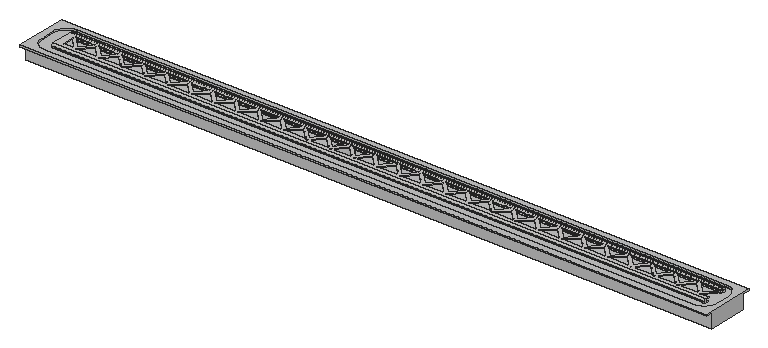
Revit family "Drain-Linear_Pyramid_Noble_FreeStyle", category Plumbing Fixtures, host Face, Revit 2015
Parameters (values of type "60in PVC")
  Weight = "10 lbs"
  URL = "www.noblecompany.com"
  Type Comments = ""
  Product Properties = "http://www.noblecompany.com/Portals/0/PRODUCT%20INFO/Product%20Descriptions/FreeStyle%20Linear%20Drain%20Product%20Decription%200410.pdf"
  Product Data = "http://www.noblecompany.com/Products/ShowerProducts/tabid/59/Default.aspx"
  Plate = Stainless Steel - Brushed
  Model = "Freestyle 60 PVC - Pyramid"
  Manufacturer Phone - Toll Free = "800-878-5788"
  Manufacturer Phone = "231-799-8000"
  Manufacturer Fax = "231-799-8850"
  Manufacturer Email = "mailto:sales@noblecompany.com"
  Manufacturer Address = "7300 Enterprise Drive, Spring Lake, MI  49456 USA"
  Manufacturer = "Noble Company"
  Installation-Fabrication = "http://www.noblecompany.com/Portals/0/PRODUCT%20INFO/Product%20Descriptions/FreeStyle%20Linear%20Drain%20Product%20Decription%200410.pdf"
  GPM = 0 GPM
  Description = "Freestyle 60 PVC - Pyramid Linear Drain"
  Building Codes = "http://www.noblecompany.com/Portals/0/TECHNICAL%20INFO/Listing_Testing_Certification_Reports/PMG-1065%20Noble%20Company%20Linear%20Drain%20final%202.pdf"
  Base = PVC
  B = 57 3/4"
  Assembly Code = "D2030300"
  A = 60"
  Default Elevation = 0"
  D = 1 5/8"
  C = 33 3/4"
Types (14): name | Model | Description | Base | B | A | D | C
  24in ABS | "Freestyle 24 ABS - Pyramid" | "Freestyle 24 ABS - Pyramid Linear Drain" | ABS | 21 3/4" | 24" | 1 1/4" | 15 3/4"
  32in ABS | "Freestyle 32 ABS - Pyramid" | "Freestyle 32 ABS - Pyramid Linear Drain" | ABS | 29 3/4" | 32" | 1 3/8" | 19 1/2"
  36in ABS | "Freestyle 36 ABS - Pyramid" | "Freestyle 36 ABS - Pyramid Linear Drain" | ABS | 33 3/4" | 36" | 1 3/8" | 21 3/4"
  40in ABS | "Freestyle 40 ABS - Pyramid" | "Freestyle 40 ABS - Pyramid Linear Drain" | ABS | 37 3/4" | 40" | 1 7/16" | 23 3/4"
  48in ABS | "Freestyle 48 ABS - Pyramid" | "Freestyle 48 ABS - Pyramid Linear Drain" | ABS | 45 3/4" | 48" | 1 1/2" | 27 3/4"
  54in ABS | "Freestyle 54 ABS - Pyramid" | "Freestyle 54 ABS - Pyramid Linear Drain" | ABS | 51 3/4" | 54" | 1 9/16" | 30 3/4"
  60in ABS | "Freestyle 60 ABS - Pyramid" | "Freestyle 60 ABS - Pyramid Linear Drain" | ABS | 57 3/4" | 60" | 1 5/8" | 33 3/4"
  24in PVC | "Freestyle 24 PVC - Pyramid" | "Freestyle 24 PVC - Pyramid Linear Drain" | PVC | 21 3/4" | 24" | 1 1/4" | 15 3/4"
  32in PVC | "Freestyle 32 PVC - Pyramid" | "Freestyle 32 PVC - Pyramid Linear Drain" | PVC | 29 3/4" | 32" | 1 3/8" | 19 1/2"
  36in PVC | "Freestyle 36 PVC - Pyramid" | "Freestyle 36 PVC - Pyramid Linear Drain" | PVC | 33 3/4" | 36" | 1 3/8" | 21 3/4"
  40in PVC | "Freestyle 40 PVC - Pyramid" | "Freestyle 40 PVC - Pyramid Linear Drain" | PVC | 37 3/4" | 40" | 1 7/16" | 23 3/4"
  48in PVC | "Freestyle 48 PVC - Pyramid" | "Freestyle 48 PVC - Pyramid Linear Drain" | PVC | 45 3/4" | 48" | 1 1/2" | 27 3/4"
  54in PVC | "Freestyle 54 PVC - Pyramid" | "Freestyle 54 PVC - Pyramid Linear Drain" | PVC | 51 3/4" | 54" | 1 9/16" | 30 3/4"
  60in PVC | "Freestyle 60 PVC - Pyramid" | "Freestyle 60 PVC - Pyramid Linear Drain" | PVC | 57 3/4" | 60" | 1 5/8" | 33 3/4"
Reference planes (in)
  plane 1 "Center (Front/Back)": y = 0
  plane 2: z = 0
  plane 3 "Center (Left/Right)": x = 0
  plane 4: z = -1.625
  plane 5: z = -4.05899
  plane 6: z = -1.625
  plane 7: y = 1.6875
  plane 8: y = -1.6875
  plane 9: z = -0.375
  plane 10: y = 2.25
  plane 11: y = -2.25
  plane 12: z = -0.3125
  plane 13: x = 30
  plane 14: x = -30
  plane 15: x = 28.875
  plane 16: x = -3.75
  plane 17: x = -28.875
  plane 18: z = -0.125
Forms (in)
  Extrusion 1, void, detail levels medium+fine
    sketch origin (0, 0, 0) x (1, 0, 0) y (0, 1, 0)
      loop
        circle (-3.75, 0) r 1
    from -60 to 34.55449
  Extrusion 2, solid, material "PVC" <- "Base", detail levels medium+fine
    sketch origin (10.05986, 0, 0) x (0, 1, 0) y (0, 0, 1)
      loop
        line (2.25, -0.375) -> (2.25, -0.25) -> (-2.25, -0.25) -> (-2.25, -0.375) -> (-1.6875, -0.375) -> (-1.6875, -1.625) -> (1.6875, -1.625) -> (1.6875, -0.375) -> (2.25, -0.375)
    from -40.05986 to 19.94014
  Extrusion 3, void
    sketch origin (10.05986, 0, 0) x (1, 0, 0) y (0, 1, 0)
      loop
        arc (-38.37906, 1.769) -> (-39.18512, 1.43512) -> (-39.519, 0.62906) r 1.13994
        line (-39.519, 0.62906) -> (-39.519, -0.63005)
        arc (-39.519, -0.63005) -> (-39.18541, -1.43541) -> (-38.38005, -1.769) r 1.13895
        line (-38.38005, -1.769) -> (18.37931, -1.769)
        arc (18.37931, -1.769) -> (19.18519, -1.43519) -> (19.519, -0.62931) r 1.13969
        line (19.519, -0.62931) -> (19.519, 0.62118)
        arc (19.519, 0.62118) -> (19.18281, 1.43281) -> (18.37118, 1.769) r 1.14782
        line (18.37118, 1.769) -> (-38.37906, 1.769)
    from -0.375 to 0
  Extrusion 4, void
    sketch origin (0, 0, 0) x (1, 0, 0) y (0, 1, 0)
      loop
        line (29, 1.269) -> (-29, 1.269) -> (-29, -1.269) -> (29, -1.269) -> (29, 1.269)
    from -0.125 to 0
  Extrusion 5, void, detail levels fine
    sketch origin (0, 0, 0) x (0, 1, 0) y (0, 0, 1)
      loop
        line (2.25, -0.375) -> (2.25, -0.125) -> (-2.25, -0.125) -> (-2.25, -0.375) -> (-1.6875, -0.375) -> (-1.6875, -1.625) -> (1.6875, -1.625) -> (1.6875, -0.375) -> (2.25, -0.375)
    from -30 to 30
Cuts and joins
  Extrusion 1, Extrusion 3 cuts Extrusion 2
Lines and regions (in)
  model lines, detail levels coarse+medium
    curve 1: line (-3.75, 0, 0) -> (-3.75, 0, -1.625)
  model lines, style "PlumbingFixtures", detail levels coarse
    curve 2: line (-30, 2.25, 0) -> (-30, -2.25, 0)
    curve 3: line (-30, 2.25, 0) -> (30, 2.25, 0)
    curve 4: line (30, 2.25, 0) -> (30, -2.25, 0)
    curve 5: line (-30, -2.25, 0) -> (30, -2.25, 0)
    curve 6: line (30, 0, 0) -> (-30, 0, 0)
Dimensions and locks (in)
  "D": plane 2 to plane 4
  locked: plane 4 to plane 5 at 2.43399
  "D": plane 6 to level
  equal spacing: plane 7, plane 1 "Center (Front/Back)", plane 8, locked at 1.6875 each
  locked: plane 9 to level at 0.375
  plane 7 to plane 8 = 3 3/8"
  locked: plane 10 to plane 7 at 0.5625
  locked: plane 8 to plane 11 at 0.5625
  "A": plane 14 to plane 13
  locked: plane 15 to plane 13 at 1.125
  "C": plane 16 to plane 13
  locked: plane 14 to plane 17 at 1.125
  locked: Extrusion 3 sketch curve to plane 13 at 0.42114
  locked: plane 14 to Extrusion 3 sketch curve at 0.54086
  equal spacing: plane 14, plane 3 "Center (Left/Right)", plane 13
  locked: plane 9 to plane 12 at 0.0625
  locked: level to plane 18 at 0.125
  level to Extrusion 2 sketch curve = 1/4"
  locked: plane 15 to Extrusion 4 sketch curve at 0.125
  locked: Extrusion 4 sketch curve to plane 17 at 0.125
  radius of Extrusion 1 sketch curve = 1"
  aligned and locked: plane 2 to host face
  aligned and locked: level to host face
  aligned and locked: plane 1 "Center (Front/Back)" to Extrusion 1 sketch curve
  aligned and locked: plane 13 to Extrusion 2
  aligned and locked: plane 16 to Extrusion 1 sketch curve
  aligned and locked: plane 10 to Extrusion 5 sketch curve
  aligned and locked: plane 9 to Extrusion 5 sketch curve
  aligned and locked: plane 7 to Extrusion 5 sketch curve
  aligned and locked: plane 4 to Extrusion 5 sketch curve
  aligned and locked: plane 11 to Extrusion 5 sketch curve
  aligned and locked: Extrusion 5 sketch curve to plane 8
  aligned and locked: Extrusion 5 to plane 14
  aligned and locked: plane 13 to Extrusion 5
  aligned and locked: curve 6 to plane 1 "Center (Front/Back)"
  aligned and locked: plane 14 to curve 6
  aligned and locked: plane 13 to curve 6
  aligned and locked: curve 1 to plane 16
  aligned and locked: level to curve 1
  aligned and locked: plane 6 to curve 1
  aligned and locked: Extrusion 2 to plane 14
  aligned and locked: plane 3 "Center (Left/Right)" to nested 1
  aligned and locked: plane 1 "Center (Front/Back)" to nested 1
  aligned and locked: plane 12 to nested 1
  aligned and locked: plane 9 to Extrusion 3
  aligned and locked: Extrusion 4 to plane 18
  aligned and locked: level to Extrusion 4
Automatic sketch dimensions
  host sketch curve to host sketch curve = 48 1/4"
  host sketch curve to host sketch curve = 96"
  plane 9 to Extrusion 2 sketch curve = 0"  (x2)
  Extrusion 2 sketch curve to plane 11 = 0"
  Extrusion 2 sketch curve to plane 4 = 0"
  Extrusion 2 sketch curve to plane 8 = 0"
  Extrusion 2 sketch curve to plane 7 = 0"
  Extrusion 2 sketch curve to plane 10 = 0"
  Extrusion 3 sketch curve to plane 8 = 0.0815"
  plane 17 to Extrusion 3 sketch curve = 0.55481"
  Extrusion 3 sketch curve to plane 7 = 0.0815"
  plane 17 to Extrusion 3 sketch curve = 0.5558"
  Extrusion 3 sketch curve to plane 15 = 0.44396"
  Extrusion 3 sketch curve to plane 15 = 0.43583"
  curve 2 to plane 10 = 0"
  curve 5 to plane 11 = 0"
  plane 9 to Extrusion 5 sketch curve = 0"
  Extrusion 5 sketch curve to plane 18 = 0"
  plane 8 to Extrusion 4 sketch curve = 0.4185"
  plane 7 to Extrusion 4 sketch curve = 0.4185"
Nested families (in)
  nested 1: "Strainer" at (-12.24848, 0, -0.3125), type "24"", detail levels fine
    with Strainer Length 57 3/4"
Connectors (in)
  piping at (-3.75, 0, -1.625), diameter 2, driven by "GPM"
    settings: on cut or joined group of Extrusion 1, Extrusion 2, Extrusion 3, index 1, connector inside diameter 2", connector length 0", flow factor 0, pipe flow 0 GPM, pressure drop 0.00 psi, fitting loss kfactor 0, connector angle 0.00°, fixture units 0, engagement length 0", angle of deflection 0.00°, flow configuration 0, flow direction 2, fitting loss method 0, system type 16, joint type 0, gender type 0, connector reference index -1, connector utility 0, adjustable connector no, is connector primary yes, connector description ""
Definition of nested family "Strainer"
  Parameters
    Strainer Width = 2 1/4"
    Strainer Height = 5/16"
    Strainer Length = 26 1/4"
    Strainer Finish = none
  Reference planes (in)
    plane 1 "Center (Front/Back)": y = 0
    plane 2: z = 0
    plane 3 "Center (Left/Right)": x = 12.24848
    plane 4: y = 1.125
    plane 5: y = -1.125
    plane 6: x = 42.24848
    plane 7: x = -17.75152
    plane 8: z = 0.3125
    plane 9: x = -0.87652
    plane 10: x = 25.37348
  Forms (in)
    Extrusion 1, solid, material <- "Strainer Finish", detail levels medium+fine
      sketch origin (0, 0, 0) x (1, 0, 0) y (0, 1, 0)
        loop
          line (-15.87652, 1.1245) -> (-15.87652, -1.1245) -> (41.87348, -1.1245) -> (41.87348, 1.1245) -> (-15.87652, 1.1245)
        loop
          line (38.33086, -0.625) -> (40.20315, -0.625) -> (39.267, 0.375) -> (38.33086, -0.625)
        loop
          line (36.3102, -0.625) -> (38.18249, -0.625) -> (37.24635, 0.375) -> (36.3102, -0.625)
        loop
          line (39.20438, 0.63946) -> (37.33209, 0.63946) -> (38.26824, -0.36054) -> (39.20438, 0.63946)
        loop
          line (34.28955, -0.625) -> (36.16184, -0.625) -> (35.22569, 0.375) -> (34.28955, -0.625)
        loop
          line (37.18372, 0.63946) -> (35.31144, 0.63946) -> (36.24758, -0.36054) -> (37.18372, 0.63946)
        loop
          line (32.26889, -0.625) -> (34.14118, -0.625) -> (33.20504, 0.375) -> (32.26889, -0.625)
        loop
          line (35.16307, 0.63946) -> (33.29078, 0.63946) -> (34.22693, -0.36054) -> (35.16307, 0.63946)
        loop
          line (30.24824, -0.625) -> (32.12052, -0.625) -> (31.18438, 0.375) -> (30.24824, -0.625)
        loop
          line (33.14241, 0.63946) -> (31.27013, 0.63946) -> (32.20627, -0.36054) -> (33.14241, 0.63946)
        loop
          line (28.22758, -0.625) -> (30.09987, -0.625) -> (29.16372, 0.375) -> (28.22758, -0.625)
        loop
          line (31.12176, 0.63946) -> (29.24947, 0.63946) -> (30.18561, -0.36054) -> (31.12176, 0.63946)
        loop
          line (26.20692, -0.625) -> (28.07921, -0.625) -> (27.14307, 0.375) -> (26.20692, -0.625)
        loop
          line (29.1011, 0.63946) -> (27.22881, 0.63946) -> (28.16496, -0.36054) -> (29.1011, 0.63946)
        loop
          line (24.18627, -0.625) -> (26.05856, -0.625) -> (25.12241, 0.375) -> (24.18627, -0.625)
        loop
          line (27.08045, 0.63946) -> (25.20816, 0.63946) -> (26.1443, -0.36054) -> (27.08045, 0.63946)
        loop
          line (22.16561, -0.625) -> (24.0379, -0.625) -> (23.10176, 0.375) -> (22.16561, -0.625)
        loop
          line (25.05979, 0.63946) -> (23.1875, 0.63946) -> (24.12365, -0.36054) -> (25.05979, 0.63946)
        loop
          line (20.14496, -0.625) -> (22.01725, -0.625) -> (21.0811, 0.375) -> (20.14496, -0.625)
        loop
          line (23.03914, 0.63946) -> (21.16685, 0.63946) -> (22.10299, -0.36054) -> (23.03914, 0.63946)
        loop
          line (18.1243, -0.625) -> (19.99659, -0.625) -> (19.06045, 0.375) -> (18.1243, -0.625)
        loop
          line (21.01848, 0.63946) -> (19.14619, 0.63946) -> (20.08234, -0.36054) -> (21.01848, 0.63946)
        loop
          line (16.10365, -0.625) -> (17.97594, -0.625) -> (17.03979, 0.375) -> (16.10365, -0.625)
        loop
          line (18.99783, 0.63946) -> (17.12554, 0.63946) -> (18.06168, -0.36054) -> (18.99783, 0.63946)
        loop
          line (14.08299, -0.625) -> (15.95528, -0.625) -> (15.01914, 0.375) -> (14.08299, -0.625)
        loop
          line (16.97717, 0.63946) -> (15.10488, 0.63946) -> (16.04103, -0.36054) -> (16.97717, 0.63946)
        loop
          line (12.06234, -0.625) -> (13.93462, -0.625) -> (12.99848, 0.375) -> (12.06234, -0.625)
        loop
          line (14.95651, 0.63946) -> (13.08423, 0.63946) -> (14.02037, -0.36054) -> (14.95651, 0.63946)
        loop
          line (40.35151, -0.625) -> (41.28766, -0.625) -> (41.28766, 0.375) -> (40.35151, -0.625)
        loop
          line (41.22504, 0.63946) -> (39.35275, 0.63946) -> (40.28889, -0.36054) -> (41.22504, 0.63946)
        loop
          line (-12.3339, -0.625) -> (-13.27004, 0.375) -> (-14.20619, -0.625) -> (-12.3339, -0.625)
        loop
          line (-10.31324, -0.625) -> (-11.24939, 0.375) -> (-12.18553, -0.625) -> (-10.31324, -0.625)
        loop
          line (-13.20742, 0.63946) -> (-12.27128, -0.36054) -> (-11.33513, 0.63946) -> (-13.20742, 0.63946)
        loop
          line (-8.29259, -0.625) -> (-9.22873, 0.375) -> (-10.16488, -0.625) -> (-8.29259, -0.625)
        loop
          line (-11.18677, 0.63946) -> (-10.25062, -0.36054) -> (-9.31448, 0.63946) -> (-11.18677, 0.63946)
        loop
          line (-6.27193, -0.625) -> (-7.20808, 0.375) -> (-8.14422, -0.625) -> (-6.27193, -0.625)
        loop
          line (-9.16611, 0.63946) -> (-8.22997, -0.36054) -> (-7.29382, 0.63946) -> (-9.16611, 0.63946)
        loop
          line (-4.25128, -0.625) -> (-5.18742, 0.375) -> (-6.12356, -0.625) -> (-4.25128, -0.625)
        loop
          line (-7.14545, 0.63946) -> (-6.20931, -0.36054) -> (-5.27317, 0.63946) -> (-7.14545, 0.63946)
        loop
          line (-2.23062, -0.625) -> (-3.16676, 0.375) -> (-4.10291, -0.625) -> (-2.23062, -0.625)
        loop
          line (-5.1248, 0.63946) -> (-4.18865, -0.36054) -> (-3.25251, 0.63946) -> (-5.1248, 0.63946)
        loop
          line (-0.20996, -0.625) -> (-1.14611, 0.375) -> (-2.08225, -0.625) -> (-0.20996, -0.625)
        loop
          line (-3.10414, 0.63946) -> (-2.168, -0.36054) -> (-1.23185, 0.63946) -> (-3.10414, 0.63946)
        loop
          line (1.81069, -0.625) -> (0.87455, 0.375) -> (-0.0616, -0.625) -> (1.81069, -0.625)
        loop
          line (-1.08349, 0.63946) -> (-0.14734, -0.36054) -> (0.7888, 0.63946) -> (-1.08349, 0.63946)
        loop
          line (3.83135, -0.625) -> (2.8952, 0.375) -> (1.95906, -0.625) -> (3.83135, -0.625)
        loop
          line (0.93717, 0.63946) -> (1.87331, -0.36054) -> (2.80946, 0.63946) -> (0.93717, 0.63946)
        loop
          line (5.852, -0.625) -> (4.91586, 0.375) -> (3.97971, -0.625) -> (5.852, -0.625)
        loop
          line (2.95782, 0.63946) -> (3.89397, -0.36054) -> (4.83011, 0.63946) -> (2.95782, 0.63946)
        loop
          line (7.87266, -0.625) -> (6.93651, 0.375) -> (6.00037, -0.625) -> (7.87266, -0.625)
        loop
          line (4.97848, 0.63946) -> (5.91462, -0.36054) -> (6.85077, 0.63946) -> (4.97848, 0.63946)
        loop
          line (9.89331, -0.625) -> (8.95717, 0.375) -> (8.02102, -0.625) -> (9.89331, -0.625)
        loop
          line (6.99913, 0.63946) -> (7.93528, -0.36054) -> (8.87142, 0.63946) -> (6.99913, 0.63946)
        loop
          line (11.91397, -0.625) -> (10.97782, 0.375) -> (10.04168, -0.625) -> (11.91397, -0.625)
        loop
          line (9.01979, 0.63946) -> (9.95593, -0.36054) -> (10.89208, 0.63946) -> (9.01979, 0.63946)
        loop
          line (11.04045, 0.63946) -> (11.97659, -0.36054) -> (12.91273, 0.63946) -> (11.04045, 0.63946)
        loop
          line (-14.35455, -0.625) -> (-15.2907, 0.375) -> (-15.2907, -0.625) -> (-14.35455, -0.625)
        loop
          line (-15.22808, 0.63946) -> (-14.29193, -0.36054) -> (-13.35579, 0.63946) -> (-15.22808, 0.63946)
      from 0 to 0.3125
    Extrusion 2, void
      sketch origin (12.24848, 0, 0) x (0, 1, 0) y (0, 0, 1)
        loop
          line (1.1245, 0.3125) -> (0.9995, 0.3125)
          arc (0.9995, 0.3125) -> (1.08789, 0.27589) -> (1.1245, 0.1875) r 0.125
          line (1.1245, 0.1875) -> (1.1245, 0.3125)
        loop
          line (-1.1245, 0.3125) -> (-1.1245, 0.1875)
          arc (-1.1245, 0.1875) -> (-1.08789, 0.27589) -> (-0.9995, 0.3125) r 0.125
          line (-0.9995, 0.3125) -> (-1.1245, 0.3125)
        loop
          line (1.1245, 0) -> (1.1245, 0.125)
          arc (1.1245, 0.125) -> (1.08789, 0.03661) -> (0.9995, 0) r 0.125
          line (0.9995, 0) -> (1.1245, 0)
        loop
          line (-1.1245, 0) -> (-0.9995, 0)
          arc (-0.9995, 0) -> (-1.08789, 0.03661) -> (-1.1245, 0.125) r 0.125
          line (-1.1245, 0.125) -> (-1.1245, 0)
        loop
          line (-0.75, 0) -> (0.75, 0) -> (0.75, 0.0625) -> (0.9995, 0.0625)
          arc (0.9995, 0.0625) -> (1.06302, 0.15625) -> (0.9995, 0.25) r 0.10095
          line (0.9995, 0.25) -> (-0.9995, 0.25)
          arc (-0.9995, 0.25) -> (-1.06302, 0.15625) -> (-0.9995, 0.0625) r 0.10095
          line (-0.9995, 0.0625) -> (-0.75, 0.0625) -> (-0.75, 0)
      from -30 to 30
    Extrusion 3, void
      sketch origin (0, 0, 0) x (1, 0, 0) y (0, 1, 0)
        loop
          line (-17.75152, 1.25) -> (-17.75152, -1.25) -> (-0.87652, -1.25) -> (-0.87652, 1.25) -> (-17.75152, 1.25)
        loop
          line (25.37348, 1.25) -> (25.37348, -1.25) -> (42.24848, -1.25) -> (42.24848, 1.25) -> (25.37348, 1.25)
      from 0 to 0.3125
  Cuts and joins
    Extrusion 2, Extrusion 3 cuts Extrusion 1
  Dimensions and locks (in)
    locked: Extrusion 1 sketch curve to Extrusion 1 sketch curve at 57.75
    equal spacing: plane 5, plane 1 "Center (Front/Back)", plane 4
    "Strainer Width": plane 4 to plane 5
    "Strainer Height": plane 8 to level
    Extrusion 2 to level = 5/16"
    plane 7 to plane 3 "Center (Left/Right)" to plane 6 = 30" locked, 30" locked
    Extrusion 3 sketch curve to plane 1 "Center (Front/Back)" to Extrusion 3 sketch curve = 1 1/4" locked, 1 1/4" locked  (x2)
    "Strainer Length": plane 9 to plane 10
    equal spacing: plane 9, plane 3 "Center (Left/Right)", plane 10
    aligned and locked: plane 8 to Extrusion 1
    aligned and locked: Extrusion 2 to plane 7
    aligned and locked: plane 6 to Extrusion 2
    aligned and locked: plane 7 to Extrusion 3 sketch curve
    aligned and locked: Extrusion 3 sketch curve to plane 6
    aligned and locked: plane 8 to cut or joined group of Extrusion 1, Extrusion 2, Extrusion 3
    aligned and locked: cut or joined group of Extrusion 1, Extrusion 2, Extrusion 3 to plane 10
    aligned and locked: plane 9 to cut or joined group of Extrusion 1, Extrusion 2, Extrusion 3
  Automatic sketch dimensions
    Extrusion 2 sketch curve to plane 8 = 0"  (x2)
    Extrusion 2 sketch curve to level = 0"  (x3)
    plane 5 to Extrusion 2 sketch curve = 0.0005"  (x2)
    Extrusion 2 sketch curve to Extrusion 2 sketch curve = 1/8"  (x2)
    Extrusion 2 sketch curve to Extrusion 2 sketch curve = 0"  (x4)
    Extrusion 2 sketch curve to Extrusion 2 sketch curve = 0.03743"  (x3)
    level to Extrusion 2 sketch curve = 1/16"  (x2)
    Extrusion 2 sketch curve to Extrusion 2 sketch curve = 0.21207"
    Extrusion 2 sketch curve to plane 4 = 3/8"
    Extrusion 2 sketch curve to plane 4 = 0.16293"
    Extrusion 2 sketch curve to plane 4 = 0.0005"  (x2)
    Extrusion 2 sketch curve to Extrusion 2 sketch curve = 1/32"
    Extrusion 3 sketch curve to plane 6 = 16 7/8"
    Extrusion 3 sketch curve to Extrusion 3 sketch curve = 16 7/8"
    plane 3 "Center (Left/Right)" to Extrusion 1 sketch curve = 3/4"
    plane 3 "Center (Left/Right)" to Extrusion 1 sketch curve = 0.66425"
    Extrusion 1 sketch curve to plane 3 "Center (Left/Right)" = 0.18614"
    plane 1 "Center (Front/Back)" to Extrusion 1 sketch curve = 0.36054"  (x28)
    Extrusion 1 sketch curve to Extrusion 1 sketch curve = 0.08575"  (x28)
    Extrusion 1 sketch curve to Extrusion 1 sketch curve = 0.14837"  (x54)
    Extrusion 1 sketch curve to plane 4 = 0.48554"  (x28)
    Extrusion 1 sketch curve to Extrusion 1 sketch curve = 0.93614"  (x54)
    Extrusion 1 sketch curve to plane 1 "Center (Front/Back)" = 3/8"  (x26)
    Extrusion 1 sketch curve to Extrusion 1 sketch curve = 0.06262"  (x26)
    plane 5 to Extrusion 1 sketch curve = 1/2"  (x28)
    Extrusion 1 sketch curve to plane 4 = 0.0005"
    Extrusion 1 sketch curve to Extrusion 1 sketch curve = 1.58459"
    Extrusion 1 sketch curve to Extrusion 1 sketch curve = 83/128"
    Extrusion 1 sketch curve to Extrusion 1 sketch curve = 0.58582"
    plane 3 "Center (Left/Right)" to Extrusion 1 sketch curve = 0.83575"
    plane 3 "Center (Left/Right)" to Extrusion 1 sketch curve = 1.68614"
    plane 5 to Extrusion 1 sketch curve = 0.0005"
    Extrusion 1 sketch curve to Extrusion 1 sketch curve = 0"
    Extrusion 1 sketch curve to Extrusion 1 sketch curve = 0.26446"  (x3)
